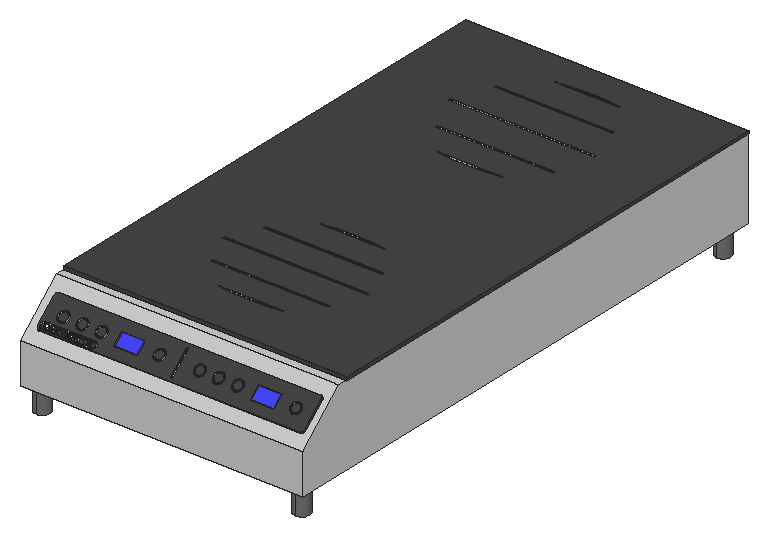
Revit family "QF_ADVENTYS_GL2_6000_F_250902075618", category Specialty Equipment, Revit 2021
Family settings
  Round Connector Dimension = Use Diameter
  Part Type = Normal
  OmniClass Number = 23.40.40.14
  OmniClass Title = Food Service Equipment
  Work Plane-Based = No
  Always vertical = Yes
  Cut with Voids When Loaded = No
  Shared = No
  Room Calculation Point = No
Parameters (values of type "ADV1594")
  Weight in Pounds [instance] = 0
  Weight = 12.00 kg
  Warranty Start Date [instance] = ""
  Warranty Duration [instance] = ""
  Volts [instance] = 240 V
  URL Recommended Spares List = ""
  URL Manufacturer = ""
  URL Cutsheet = ""
  URL Critical Spares List = ""
  URL = "www.adventys.com"
  Tag Number [instance] = ""
  Status [instance] = ""
  Specification by User [instance] = ""
  Specification by Manufacturer [instance] = ""
  Sound Level [instance] = ""
  Solid Fuel Type [instance] = ""
  Service Life Duration [instance] = ""
  Serial Number [instance] = ""
  Seismic Rating [instance] = ""
  SMACNA No [instance] = ""
  Revision Code [instance] = ""
  Revision [instance] = ""
  Production Year [instance] = ""
  Point Load [instance] = 0
  Phase [instance] = 1
  Other Equipment Approvals [instance] = ""
  Number of Poles [instance] = 2
  NAFEM Spec ID Number [instance] = ""
  Model Warning [instance] = ""
  Model = "GL2 6000 F"
  Min Ckt Ampacity [instance] = 0 A
  Max Overcurrent Protection [instance] = 10 A
  Masterspec [instance] = ""
  Manufacturer = "ADVENTYS"
  Length Actual = 370 mm
  Item Number [instance] = ""
  Installed By [instance] = ""
  Installation Date [instance] = ""
  Identify Quantity as Lot [instance] = no
  ID [instance] = ""
  Hygiene Approval [instance] = ""
  Hot Water Consumption = 0.0 L/s
  Height Actual = 140 mm
  HP power [instance] = ""
  Furnished By [instance] = ""
  Foodservice Equipment Identifier [instance] = no
  FL Amps [instance] = 8.7 A
  Electrical Remarks [instance] = "Plug not included"
  Electric power [instance] = 0 W
  Electric Connection Type [instance] = "Cord&Plug"
  Elec Conn RI Height [instance] = 0 mm
  Elec Conn Connection Height [instance] = 0 mm
  ETL Approved [instance] = no
  Description = "FREE-STANDING INDUCTION HOB TWO ZONE"
  Depth Actual = 730 mm
  Default Elevation = 0 mm
  Cycle [instance] = 60 Hz
  Cost = 0
  Conn Plug [instance] = ""
  Conn Conduit [instance] = no
  CSI MasterFormat [instance] = ""
  CE Approved [instance] = no
  Barcode [instance] = 0
  Author [instance] = ""
  Asset Identifier [instance] = ""
  Apparent Power [instance] = 6000 VA
  Accessory = no
Reference planes
  plane 1 "Center (Front/Back)": y = 0
  plane 2: z = 0
  plane 3 "Center (Left/Right)": x = 0
Forms (mm)
  Extrusion 1, solid, not visible
    sketch origin (55.003, -404.02, 33.002) x (1, 0, 0) y (0, 1, 0)
      loop
        line (-2, 2) -> (-2, -2) -> (2, -2) -> (2, 2) -> (-2, 2)
    from -2 to 2
Dimensions and locks
  locked: nested 2 to Extrusion 1 at 2  (x2)
  aligned and locked: level to plane 2
Nested families
  nested 1: "QF_ADVENTYS_ADV1594_2916" at (0, -2, 0), type "ADV1594"
    with Status "", Show Logo yes, Show Clearance yes
  nested 2: "CONN_POINT_ELE_2D___Generic_Annotation" at (55.003, -404.02, 31.002), type "CONN_POINT_ELE_2D___Generic_Annotation"
    with Onboard connection annotation symbol visibility yes
Connectors
  electrical at (55.003, -404.02, 31.002), driven by "Apparent Power", driven by "Number of Poles", driven by "Volts"
    settings: on Extrusion 1, index 1, voltage 240 V, apparent load 0 VA, apparent load phase1 6000 VA, apparent load phase2 0 VA, apparent load phase3 0 VA, power factor 1, load classification "Other", number of poles 2, system type 31, power factor state 1, is connector primary yes, connector utility no, sub classification motor no, connector description "Electrical connection for GL2 6000 F"
Definition of nested family "QF_ADVENTYS_ADV1594_2916"
  Parameters (values of type "ADV1594")
    URL = "www.adventys.com"
    Status [instance] = ""
    Show Logo [instance] = yes
    Show Clearance [instance] = yes
    Model = "GL2 6000 F"
    Manufacturer = "ADVENTYS"
    Description = "FREE-STANDING INDUCTION HOB TWO ZONE"
    Default Elevation = 0 mm
    Author = "SPECIFI"
    Assembly Code = "E1090320"
  Reference planes
    plane 1 "Back": y = 2
    plane 2: z = 0
    plane 3 "Left": x = 0
    plane 4 "Right": x = 369.825
    plane 5 "Front": y = -728.05
    plane 6 "Top": z = 140
  Forms (mm)
    Extrusion 1, solid
      sketch origin (0, 597, 0.7) x (0, 1, 0) y (0, 0, 1)
        loop
          line (-1325.05, 30) -> (-595, 30) -> (-595, 135) -> (-1235, 135) -> (-1265, 135) -> (-1325.05, 82.799) -> (-1325.05, 30)
      from 0 to 369.825
    Extrusion 2, solid
      sketch origin (0, 597, 0.7) x (1, 0, 0) y (0, 1, 0)
        loop
          line (0, -1253.043) -> (369.825, -1253.043) -> (369.825, -595) -> (0, -595) -> (0, -1253.043)
        loop
          line (149.048, -1020.428) -> (234.048, -1020.428)
          arc (234.048, -1020.428) -> (210.786, -1017.265) -> (187.31, -1017.081) r 184.556
          arc (187.31, -1017.081) -> (168.08, -1017.615) -> (149.048, -1020.428) r 161.697
        loop
          line (264.181, -1060.585) -> (110, -1060.585) -> (110, -1063.011) -> (264.181, -1063.011) -> (264.181, -1060.585)
        loop
          line (280.876, -1103.085) -> (90, -1103.085) -> (90, -1105.511) -> (280.876, -1105.511) -> (280.876, -1103.085)
        loop
          line (264.181, -1148.085) -> (110, -1148.085) -> (110, -1150.511) -> (264.181, -1150.511) -> (264.181, -1148.085)
        loop
          line (234.048, -1185.831) -> (149.048, -1185.831)
          arc (149.048, -1185.831) -> (172.311, -1188.994) -> (195.787, -1189.178) r 184.556
          arc (195.787, -1189.178) -> (215.017, -1188.645) -> (234.048, -1185.831) r 161.697
        loop
          arc (149.048, -827.081) -> (172.311, -830.244) -> (195.787, -830.428) r 184.556
          arc (195.787, -830.428) -> (215.017, -829.895) -> (234.048, -827.081) r 161.697
          line (234.048, -827.081) -> (149.048, -827.081)
        loop
          line (115, -788.011) -> (269.181, -788.011) -> (269.181, -785.585) -> (115, -785.585) -> (115, -788.011)
        loop
          line (90, -735.511) -> (280.876, -735.511) -> (280.876, -733.085) -> (90, -733.085) -> (90, -735.511)
        loop
          line (110, -685.511) -> (264.181, -685.511) -> (264.181, -683.085) -> (110, -683.085) -> (110, -685.511)
        loop
          line (151.548, -639.178) -> (236.548, -639.178)
          arc (236.548, -639.178) -> (213.286, -636.015) -> (189.81, -635.831) r 184.556
          arc (189.81, -635.831) -> (170.58, -636.365) -> (151.548, -639.178) r 161.697
      from 135 to 139.3
    Revolve 3, solid
      sketch origin (15, 589.5, 0) x (0, 1, 0) y (0, 0, 1)
        loop
          line (-1300.05, 30.7) -> (-1300.05, 0) -> (-1290.05, 0) -> (-1290.05, 30.7) -> (-1300.05, 30.7)
        axis (-1300.05, 30.7) -> (-1300.05, 0)
      angle from 0 to 360
    Revolve 4, solid
      sketch origin (355, 589.5, 0) x (0, 1, 0) y (0, 0, 1)
        loop
          line (-1300.05, 30.7) -> (-1300.05, 0) -> (-1290.05, 0) -> (-1290.05, 30.7) -> (-1300.05, 30.7)
        axis (-1300.05, 30.7) -> (-1300.05, 0)
      angle from 0 to 360
    Revolve 5, solid
      sketch origin (355, 1279.5, 0) x (0, 1, 0) y (0, 0, 1)
        loop
          line (-1300.05, 30.7) -> (-1300.05, 0) -> (-1290.05, 0) -> (-1290.05, 30.7) -> (-1300.05, 30.7)
        axis (-1300.05, 30.7) -> (-1300.05, 0)
      angle from 0 to 360
    Revolve 6, solid
      sketch origin (15, 1279.5, 0) x (0, 1, 0) y (0, 0, 1)
        loop
          line (-1300.05, 30.7) -> (-1300.05, 0) -> (-1290.05, 0) -> (-1290.05, 30.7) -> (-1300.05, 30.7)
        axis (-1300.05, 30.7) -> (-1300.05, 0)
      angle from 0 to 360
    Extrusion 7, solid
      sketch origin (0, 597, 0.7) x (0, 1, 0) y (0, 0, 1)
        loop
          line (-635, 30) -> (-752.168, 30) -> (-720, 15) -> (-635, 15) -> (-635, 30)
      from 52.846 to 318.58
    Extrusion 8, solid
      sketch origin (0, 597, 0.7) x (0, 1, 0) y (0, 0, 1)
        loop
          line (-880, 30) -> (-1005, 30) -> (-1005, 20) -> (-880, 20) -> (-880, 30)
      from 73.72 to 300.835
    Extrusion 9, solid
      sketch origin (0, 597, 0.7) x (0, 1, 0) y (0, 0, 1)
        loop
          line (-1285.05, 30) -> (-1285.05, 20) -> (-1125.05, 20) -> (-1125.05, 30) -> (-1285.05, 30)
      from 73.72 to 300.835
    Extrusion 10, solid
      sketch origin (0, 597, 0.7) x (1, 0, 0) y (0, 1, 0)
        loop
          circle (55, -999.55) r 17.001
      from 30 to 41.127
    Extrusion 11, solid
      sketch origin (0, 597, 0.7) x (1, 0, 0) y (0, 1, 0)
        loop
          arc (236.548, -639.178) -> (213.286, -636.015) -> (189.81, -635.831) r 184.556
          arc (189.81, -635.831) -> (170.58, -636.365) -> (151.548, -639.178) r 161.697
          line (151.548, -639.178) -> (236.548, -639.178)
        loop
          line (264.181, -685.511) -> (264.181, -683.085) -> (110, -683.085) -> (110, -685.511) -> (264.181, -685.511)
        loop
          line (280.876, -733.085) -> (90, -733.085) -> (90, -735.511) -> (280.876, -735.511) -> (280.876, -733.085)
        loop
          line (115, -788.011) -> (269.181, -788.011) -> (269.181, -785.585) -> (115, -785.585) -> (115, -788.011)
        loop
          arc (149.048, -827.081) -> (172.311, -830.244) -> (195.787, -830.428) r 184.556
          arc (195.787, -830.428) -> (215.017, -829.895) -> (234.048, -827.081) r 161.697
          line (234.048, -827.081) -> (149.048, -827.081)
        loop
          arc (234.048, -1020.428) -> (210.786, -1017.265) -> (187.31, -1017.081) r 184.556
          arc (187.31, -1017.081) -> (168.08, -1017.615) -> (149.048, -1020.428) r 161.697
          line (149.048, -1020.428) -> (234.048, -1020.428)
        loop
          line (264.181, -1063.011) -> (264.181, -1060.585) -> (110, -1060.585) -> (110, -1063.011) -> (264.181, -1063.011)
        loop
          line (280.876, -1103.085) -> (90, -1103.085) -> (90, -1105.511) -> (280.876, -1105.511) -> (280.876, -1103.085)
        loop
          line (110, -1150.511) -> (264.181, -1150.511) -> (264.181, -1148.085) -> (110, -1148.085) -> (110, -1150.511)
        loop
          line (234.048, -1185.831) -> (149.048, -1185.831)
          arc (149.048, -1185.831) -> (172.311, -1188.994) -> (195.787, -1189.178) r 184.556
          arc (195.787, -1189.178) -> (215.017, -1188.645) -> (234.048, -1185.831) r 161.697
      from 135 to 139.3
    Extrusion 12, solid
      sketch origin (-81.7, -343.432, 228.366) x (1, 0, 0) y (0, 0.75471, 0.656059)
        loop
          arc (97.5, -323.032) -> (93.964, -324.496) -> (92.5, -328.032) r 5
          line (92.5, -328.032) -> (92.5, -363.032)
          arc (92.5, -363.032) -> (93.964, -366.568) -> (97.5, -368.032) r 5
          line (97.5, -368.032) -> (437.325, -368.032)
          arc (437.325, -368.032) -> (440.861, -366.568) -> (442.325, -363.032) r 5
          line (442.325, -363.032) -> (442.325, -328.032)
          arc (442.325, -328.032) -> (440.861, -324.496) -> (437.325, -323.032) r 5
          line (437.325, -323.032) -> (97.5, -323.032)
        loop
          circle (140.135, -345.532) r 6
        loop
          circle (140.135, -345.532) r 7
        loop
          circle (165.135, -345.532) r 7
        loop
          circle (165.135, -345.532) r 6
        loop
          circle (241.135, -345.532) r 6
        loop
          circle (241.135, -345.532) r 7
        loop
          line (217.417, -337.336) -> (187.417, -337.336) -> (187.417, -354.836) -> (217.417, -354.836) -> (217.417, -337.336)
        loop
          circle (115.135, -345.532) r 6
        loop
          circle (115.135, -345.532) r 7
        loop
          circle (318.885, -345.532) r 6
        loop
          circle (318.885, -345.532) r 7
        loop
          circle (343.885, -345.532) r 7
        loop
          circle (343.885, -345.532) r 6
        loop
          circle (419.885, -345.532) r 6
        loop
          circle (419.885, -345.532) r 7
        loop
          line (396.167, -337.336) -> (366.167, -337.336) -> (366.167, -354.836) -> (396.167, -354.836) -> (396.167, -337.336)
        loop
          circle (293.885, -345.532) r 6
        loop
          circle (293.885, -345.532) r 7
        loop
          line (268.413, -328.032) -> (266.413, -328.032) -> (266.413, -363.032) -> (268.413, -363.032) -> (268.413, -328.032)
      from 143 to 145
    Extrusion 13, solid
      sketch origin (-56.7, -343.432, 228.366) x (1, 0, 0) y (0, 0.75471, 0.656059)
        loop
          circle (216.135, -345.532) r 6
        loop
          circle (216.135, -345.532) r 7
        loop
          circle (90.135, -345.532) r 6
        loop
          circle (115.135, -345.532) r 6
        loop
          circle (90.135, -345.532) r 7
        loop
          circle (115.135, -345.532) r 7
        loop
          circle (140.135, -345.532) r 6
        loop
          circle (140.135, -345.532) r 7
        loop
          line (241.413, -328.032) -> (241.413, -363.032) -> (243.413, -363.032) -> (243.413, -328.032) -> (241.413, -328.032)
        loop
          circle (394.885, -345.532) r 6
        loop
          circle (394.885, -345.532) r 7
        loop
          circle (268.885, -345.532) r 6
        loop
          circle (293.885, -345.532) r 6
        loop
          circle (268.885, -345.532) r 7
        loop
          circle (293.885, -345.532) r 7
        loop
          circle (318.885, -345.532) r 6
        loop
          circle (318.885, -345.532) r 7
      from 143 to 145
    Extrusion 14, solid, visible <- "Show Logo"
      sketch origin (-69.93, -275.591, 245.243) x (1, 0, 0) y (0, 0.75471, 0.656059)
        loop
          arc (88.7, -421.254) -> (88.222, -421.452) -> (88.024, -421.93) r 0.676
          line (88.024, -421.93) -> (88.024, -423.602)
          arc (88.024, -423.602) -> (88.232, -424.091) -> (88.729, -424.278) r 0.676
          line (88.729, -424.278) -> (88.729, -423.012)
          arc (88.729, -423.012) -> (89.079, -422.316) -> (89.806, -422.035) r 1.082
          line (89.806, -422.035) -> (92.693, -422.035)
          arc (92.693, -422.035) -> (92.539, -421.491) -> (92.025, -421.254) r 0.676
          line (92.025, -421.254) -> (88.7, -421.254)
        loop
          arc (88.7, -420.848) -> (87.935, -421.165) -> (87.618, -421.93) r 1.082
          line (87.618, -421.93) -> (87.618, -423.602)
          arc (87.618, -423.602) -> (87.945, -424.378) -> (88.729, -424.684) r 1.082
          arc (88.729, -424.684) -> (89.006, -425.518) -> (89.811, -425.871) r 1.082
          arc (89.811, -425.871) -> (90.124, -426.642) -> (90.893, -426.963) r 1.082
          line (90.893, -426.963) -> (93.953, -426.963)
          arc (93.953, -426.963) -> (94.718, -426.646) -> (95.035, -425.881) r 1.082
          line (95.035, -425.881) -> (95.035, -424.315)
          arc (95.035, -424.315) -> (94.714, -423.546) -> (93.942, -423.233) r 1.082
          arc (93.942, -423.233) -> (93.745, -422.485) -> (93.099, -422.06) r 1.082
          arc (93.099, -422.06) -> (92.835, -421.213) -> (92.025, -420.848) r 1.082
          line (92.025, -420.848) -> (88.7, -420.848)
        loop
          arc (93.953, -426.557) -> (94.431, -426.359) -> (94.629, -425.881) r 0.676
          line (94.629, -425.881) -> (94.629, -424.315)
          arc (94.629, -424.315) -> (94.43, -423.835) -> (93.948, -423.638) r 0.676
          line (93.948, -423.638) -> (93.948, -424.789)
          arc (93.948, -424.789) -> (93.631, -425.554) -> (92.866, -425.871) r 1.082
          line (92.866, -425.871) -> (90.216, -425.871)
          arc (90.216, -425.871) -> (90.411, -426.355) -> (90.893, -426.557) r 0.676
          line (90.893, -426.557) -> (93.953, -426.557)
        loop
          arc (95.821, -425.184) -> (95.863, -425.723) -> (96.404, -425.709) r 0.393
          line (96.404, -425.709) -> (97.15, -424.963) -> (100.112, -424.963) -> (100.858, -425.709)
          arc (100.858, -425.709) -> (101.399, -425.723) -> (101.441, -425.184) r 0.393
          line (101.441, -425.184) -> (98.631, -421.714) -> (95.821, -425.184)
        loop
          line (98.631, -423.109) -> (97.68, -424.283) -> (99.582, -424.283) -> (98.631, -423.109)
        loop
          line (102.743, -421.78) -> (102.743, -425.773) -> (106.505, -425.773)
          arc (106.505, -425.773) -> (108.501, -423.776) -> (106.505, -421.78) r 1.997
          line (106.505, -421.78) -> (102.743, -421.78)
        loop
          line (106.505, -422.83) -> (103.793, -422.83) -> (103.793, -424.722) -> (106.505, -424.722)
          arc (106.505, -424.722) -> (107.451, -423.776) -> (106.505, -422.83) r 0.946
        loop
          arc (110.437, -422.011) -> (109.896, -421.997) -> (109.854, -422.536) r 0.393
          line (109.854, -422.536) -> (112.664, -426.006) -> (115.474, -422.536)
          arc (115.474, -422.536) -> (115.432, -421.997) -> (114.891, -422.011) r 0.393
          line (114.891, -422.011) -> (112.664, -424.762) -> (110.437, -422.011)
        loop
          line (122.122, -421.733) -> (116.807, -421.733) -> (116.807, -425.773) -> (122.122, -425.773)
          arc (122.122, -425.773) -> (122.533, -425.362) -> (122.122, -424.952) r 0.41
          line (122.122, -424.952) -> (117.728, -424.952) -> (117.728, -424.143) -> (122.122, -424.143)
          arc (122.122, -424.143) -> (122.494, -423.772) -> (122.122, -423.401) r 0.371
          line (122.122, -423.401) -> (117.728, -423.401) -> (117.728, -422.553) -> (122.122, -422.553)
          arc (122.122, -422.553) -> (122.533, -422.143) -> (122.122, -421.733) r 0.41
        loop
          line (123.768, -422.295) -> (123.768, -425.304)
          arc (123.768, -425.304) -> (124.205, -425.74) -> (124.641, -425.304) r 0.437
          line (124.641, -425.304) -> (124.641, -423.104) -> (128.532, -425.535)
          arc (128.532, -425.535) -> (129.163, -425.551) -> (129.483, -425.008) r 0.622
          line (129.483, -425.008) -> (129.483, -422.216)
          arc (129.483, -422.216) -> (129.023, -421.756) -> (128.563, -422.216) r 0.46
          line (128.563, -422.216) -> (128.563, -424.346) -> (124.57, -421.851)
          arc (124.57, -421.851) -> (124.038, -421.837) -> (123.768, -422.295) r 0.524
        loop
          arc (131.328, -421.811) -> (130.822, -422.316) -> (131.328, -422.822) r 0.506
          line (131.328, -422.822) -> (133.16, -422.822) -> (133.16, -425.108)
          arc (133.16, -425.108) -> (133.647, -425.594) -> (134.133, -425.108) r 0.486
          line (134.133, -425.108) -> (134.133, -422.822) -> (135.879, -422.822)
          arc (135.879, -422.822) -> (136.384, -422.316) -> (135.879, -421.811) r 0.506
          line (135.879, -421.811) -> (131.328, -421.811)
        loop
          line (140.723, -423.158) -> (138.718, -421.806)
          arc (138.718, -421.806) -> (138.039, -421.938) -> (138.171, -422.617) r 0.489
          line (138.171, -422.617) -> (140.176, -423.97) -> (140.176, -425.134)
          arc (140.176, -425.134) -> (140.723, -425.682) -> (141.27, -425.134) r 0.547
          line (141.27, -425.134) -> (141.27, -423.97) -> (143.275, -422.617)
          arc (143.275, -422.617) -> (143.407, -421.938) -> (142.728, -421.806) r 0.489
          line (142.728, -421.806) -> (140.723, -423.158)
        loop
          line (149.966, -421.811) -> (146.176, -421.811)
          arc (146.176, -421.811) -> (145.017, -422.97) -> (146.176, -424.129) r 1.159
          line (146.176, -424.129) -> (149.302, -424.129)
          arc (149.302, -424.129) -> (149.724, -424.551) -> (149.302, -424.973) r 0.422
          line (149.302, -424.973) -> (145.494, -424.973)
          arc (145.494, -424.973) -> (145.145, -425.323) -> (145.494, -425.672) r 0.349
          line (145.494, -425.672) -> (149.676, -425.672)
          arc (149.676, -425.672) -> (150.47, -424.404) -> (149.336, -423.429) r 1.147
          line (149.336, -423.429) -> (146.116, -423.429)
          arc (146.116, -423.429) -> (145.656, -422.969) -> (146.116, -422.509) r 0.46
          line (146.116, -422.509) -> (149.966, -422.509)
          arc (149.966, -422.509) -> (150.315, -422.16) -> (149.966, -421.811) r 0.349
        loop
          arc (87.536, -420.077) -> (83.683, -423.931) -> (87.536, -427.784) r 3.853
          line (87.536, -427.784) -> (151.604, -427.784)
          arc (151.604, -427.784) -> (155.457, -423.931) -> (151.604, -420.077) r 3.853
          line (151.604, -420.077) -> (87.536, -420.077)
        loop
          arc (87.536, -419.677) -> (83.283, -423.931) -> (87.536, -428.184) r 4.253
          line (87.536, -428.184) -> (151.604, -428.184)
          arc (151.604, -428.184) -> (155.857, -423.931) -> (151.604, -419.677) r 4.253
          line (151.604, -419.677) -> (87.536, -419.677)
      from 176.77 to 176.97
    Extrusion 15, solid
      sketch origin (13.322, -343.432, 228.366) x (1, 0, 0) y (0, 0.75471, 0.656059)
        loop
          line (92.395, -337.336) -> (92.395, -354.836) -> (122.395, -354.836) -> (122.395, -337.336) -> (92.395, -337.336)
      from 143 to 145
    Extrusion 16, solid
      sketch origin (192.072, -343.432, 228.366) x (1, 0, 0) y (0, 0.75471, 0.656059)
        loop
          line (92.395, -337.336) -> (92.395, -354.836) -> (122.395, -354.836) -> (122.395, -337.336) -> (92.395, -337.336)
      from 143 to 145
  Lines and regions (mm)
    symbolic lines
      curve 1: line (0, 2, 0) -> (369.825, 2, 0)
      curve 2: line (369.825, 2, 0) -> (369.825, -728.05, 0)
      curve 3: line (369.825, -728.05, 0) -> (0, -728.05, 0)
      curve 4: line (0, -728.05, 0) -> (0, 2, 0)
      curve 5: line (0, -668, 0) -> (369.825, -668, 0)
      curve 6: line (0, -656.043, 0) -> (369.825, -656.043, 0)
      curve 7: line (234.048, -588.831, 0) -> (149.048, -588.831, 0)
      curve 8: arc (149.048, -588.831, 0) -> (172.311, -591.994, 0) -> (195.787, -592.178, 0) r 184.556
      curve 9: arc (195.787, -592.178, 0) -> (215.017, -591.645, 0) -> (234.048, -588.831, 0) r 161.697
      curve 10: line (110, -553.511, 0) -> (264.181, -553.511, 0)
      curve 11: line (264.181, -551.085, 0) -> (110, -551.085, 0)
      curve 12: line (264.181, -553.511, 0) -> (264.181, -551.085, 0)
      curve 13: line (110, -551.085, 0) -> (110, -553.511, 0)
      curve 14: line (280.876, -506.085, 0) -> (90, -506.085, 0)
      curve 15: line (90, -506.085, 0) -> (90, -508.511, 0)
      curve 16: line (280.876, -508.511, 0) -> (280.876, -506.085, 0)
      curve 17: line (90, -508.511, 0) -> (280.876, -508.511, 0)
      curve 18: line (110, -466.011, 0) -> (264.181, -466.011, 0)
      curve 19: line (264.181, -466.011, 0) -> (264.181, -463.585, 0)
      curve 20: line (264.181, -463.585, 0) -> (110, -463.585, 0)
      curve 21: line (110, -463.585, 0) -> (110, -466.011, 0)
      curve 22: line (149.048, -423.428, 0) -> (234.048, -423.428, 0)
      curve 23: arc (187.31, -420.081, 0) -> (168.08, -420.615, 0) -> (149.048, -423.428, 0) r 161.697
      curve 24: arc (234.048, -423.428, 0) -> (210.786, -420.265, 0) -> (187.31, -420.081, 0) r 184.556
      curve 25: arc (149.048, -230.081, 0) -> (172.311, -233.244, 0) -> (195.787, -233.428, 0) r 184.556
      curve 26: arc (195.787, -233.428, 0) -> (215.017, -232.895, 0) -> (234.048, -230.081, 0) r 161.697
      curve 27: line (234.048, -230.081, 0) -> (149.048, -230.081, 0)
      curve 28: line (115, -191.011, 0) -> (269.181, -191.011, 0)
      curve 29: line (115, -188.585, 0) -> (115, -191.011, 0)
      curve 30: line (269.181, -188.585, 0) -> (115, -188.585, 0)
      curve 31: line (269.181, -191.011, 0) -> (269.181, -188.585, 0)
      curve 32: line (90, -138.511, 0) -> (280.876, -138.511, 0)
      curve 33: line (280.876, -136.085, 0) -> (90, -136.085, 0)
      curve 34: line (280.876, -138.511, 0) -> (280.876, -136.085, 0)
      curve 35: line (90, -136.085, 0) -> (90, -138.511, 0)
      curve 36: line (110, -88.511, 0) -> (264.181, -88.511, 0)
      curve 37: line (110, -86.085, 0) -> (110, -88.511, 0)
      curve 38: line (264.181, -86.085, 0) -> (110, -86.085, 0)
      curve 39: line (264.181, -88.511, 0) -> (264.181, -86.085, 0)
      curve 40: line (151.548, -42.178, 0) -> (236.548, -42.178, 0)
      curve 41: arc (236.548, -42.178, 0) -> (213.286, -39.015, 0) -> (189.81, -38.831, 0) r 184.556
      curve 42: arc (189.81, -38.831, 0) -> (170.58, -39.365, 0) -> (151.548, -42.178, 0) r 161.697
      curve 43: spline (15.8, -682.356, 0) -> (15.147, -682.388, 0) -> (14.505, -682.485, 0) -> (13.886, -682.643, 0) -> (13.3, -682.862, 0) -> (12.756, -683.136, 0) -> (12.264, -683.461, 0) -> (11.833, -683.832, 0) -> (11.469, -684.243, 0) -> (11.18, -684.686, 0) -> (10.97, -685.153, 0) -> (10.842, -685.637, 0) -> (10.8, -686.13, 0)
      curve 44: line (10.8, -686.13, 0) -> (10.8, -712.545, 0)
      curve 45: spline (10.8, -712.545, 0) -> (10.842, -713.037, 0) -> (10.97, -713.521, 0) -> (11.18, -713.989, 0) -> (11.469, -714.431, 0) -> (11.833, -714.842, 0) -> (12.264, -715.213, 0) -> (12.756, -715.538, 0) -> (13.3, -715.812, 0) -> (13.886, -716.031, 0) -> (14.505, -716.189, 0) -> (15.147, -716.286, 0) -> (15.8, -716.318, 0)
      curve 46: line (15.8, -716.318, 0) -> (355.625, -716.318, 0)
      curve 47: line (355.625, -682.356, 0) -> (15.8, -682.356, 0)
      curve 48: spline (360.625, -686.13, 0) -> (360.582, -685.637, 0) -> (360.455, -685.153, 0) -> (360.244, -684.686, 0) -> (359.955, -684.243, 0) -> (359.592, -683.832, 0) -> (359.161, -683.461, 0) -> (358.669, -683.136, 0) -> (358.125, -682.862, 0) -> (357.538, -682.643, 0) -> (356.919, -682.485, 0) -> (356.278, -682.388, 0) -> (355.625, -682.356, 0)
      curve 49: line (360.625, -712.545, 0) -> (360.625, -686.13, 0)
      curve 50: spline (355.625, -716.318, 0) -> (356.278, -716.286, 0) -> (356.919, -716.189, 0) -> (357.538, -716.031, 0) -> (358.125, -715.812, 0) -> (358.669, -715.538, 0) -> (359.161, -715.213, 0) -> (359.592, -714.842, 0) -> (359.955, -714.431, 0) -> (360.244, -713.989, 0) -> (360.455, -713.521, 0) -> (360.582, -713.037, 0) -> (360.625, -712.545, 0)
      curve 51: spline (345.184, -699.337, 0) -> (344.946, -697.97, 0) -> (344.246, -696.696, 0) -> (343.134, -695.601, 0) -> (341.684, -694.762, 0) -> (339.996, -694.234, 0) -> (338.184, -694.054, 0) -> (336.372, -694.234, 0) -> (334.684, -694.762, 0) -> (333.234, -695.601, 0) -> (332.122, -696.696, 0) -> (331.423, -697.97, 0) -> (331.184, -699.337, 0)
      curve 52: spline (331.184, -699.337, 0) -> (331.423, -700.704, 0) -> (332.122, -701.979, 0) -> (333.234, -703.073, 0) -> (334.684, -703.912, 0) -> (336.372, -704.44, 0) -> (338.184, -704.62, 0) -> (339.996, -704.44, 0) -> (341.684, -703.912, 0) -> (343.134, -703.073, 0) -> (344.246, -701.979, 0) -> (344.946, -700.704, 0) -> (345.184, -699.337, 0)
      curve 53: spline (344.184, -699.337, 0) -> (343.98, -698.165, 0) -> (343.38, -697.073, 0) -> (342.427, -696.135, 0) -> (341.184, -695.416, 0) -> (339.737, -694.963, 0) -> (338.184, -694.809, 0) -> (336.631, -694.963, 0) -> (335.184, -695.416, 0) -> (333.942, -696.135, 0) -> (332.988, -697.073, 0) -> (332.389, -698.165, 0) -> (332.184, -699.337, 0)
      curve 54: spline (344.184, -699.337, 0) -> (343.98, -700.509, 0) -> (343.38, -701.601, 0) -> (342.427, -702.539, 0) -> (341.184, -703.259, 0) -> (339.737, -703.711, 0) -> (338.184, -703.865, 0) -> (336.631, -703.711, 0) -> (335.184, -703.259, 0) -> (333.942, -702.539, 0) -> (332.988, -701.601, 0) -> (332.389, -700.509, 0) -> (332.184, -699.337, 0)
      curve 55: line (314.467, -706.359, 0) -> (314.467, -693.151, 0)
      curve 56: line (314.467, -693.151, 0) -> (284.467, -693.151, 0)
      curve 57: line (284.467, -693.151, 0) -> (284.467, -706.359, 0)
      curve 58: line (284.467, -706.359, 0) -> (314.467, -706.359, 0)
      curve 59: spline (269.184, -699.337, 0) -> (268.946, -697.97, 0) -> (268.246, -696.696, 0) -> (267.134, -695.601, 0) -> (265.684, -694.762, 0) -> (263.996, -694.234, 0) -> (262.184, -694.054, 0) -> (260.372, -694.234, 0) -> (258.684, -694.762, 0) -> (257.234, -695.601, 0) -> (256.122, -696.696, 0) -> (255.423, -697.97, 0) -> (255.184, -699.337, 0)
      curve 60: spline (256.184, -699.337, 0) -> (256.389, -698.165, 0) -> (256.988, -697.073, 0) -> (257.942, -696.135, 0) -> (259.184, -695.416, 0) -> (260.631, -694.963, 0) -> (262.184, -694.809, 0) -> (263.737, -694.963, 0) -> (265.184, -695.416, 0) -> (266.427, -696.135, 0) -> (267.38, -697.073, 0) -> (267.98, -698.165, 0) -> (268.184, -699.337, 0)
      curve 61: spline (268.184, -699.337, 0) -> (267.98, -700.509, 0) -> (267.38, -701.601, 0) -> (266.427, -702.539, 0) -> (265.184, -703.259, 0) -> (263.737, -703.711, 0) -> (262.184, -703.865, 0) -> (260.631, -703.711, 0) -> (259.184, -703.259, 0) -> (257.942, -702.539, 0) -> (256.988, -701.601, 0) -> (256.389, -700.509, 0) -> (256.184, -699.337, 0)
      curve 62: spline (255.184, -699.337, 0) -> (255.423, -700.704, 0) -> (256.122, -701.979, 0) -> (257.234, -703.073, 0) -> (258.684, -703.912, 0) -> (260.372, -704.44, 0) -> (262.184, -704.62, 0) -> (263.996, -704.44, 0) -> (265.684, -703.912, 0) -> (267.134, -703.073, 0) -> (268.246, -701.979, 0) -> (268.946, -700.704, 0) -> (269.184, -699.337, 0)
      curve 63: spline (244.184, -699.337, 0) -> (243.946, -697.97, 0) -> (243.246, -696.696, 0) -> (242.134, -695.601, 0) -> (240.684, -694.762, 0) -> (238.996, -694.234, 0) -> (237.184, -694.054, 0) -> (235.372, -694.234, 0) -> (233.684, -694.762, 0) -> (232.234, -695.601, 0) -> (231.122, -696.696, 0) -> (230.423, -697.97, 0) -> (230.184, -699.337, 0)
      curve 64: spline (231.184, -699.337, 0) -> (231.389, -698.165, 0) -> (231.988, -697.073, 0) -> (232.942, -696.135, 0) -> (234.184, -695.416, 0) -> (235.631, -694.963, 0) -> (237.184, -694.809, 0) -> (238.737, -694.963, 0) -> (240.184, -695.416, 0) -> (241.427, -696.135, 0) -> (242.38, -697.073, 0) -> (242.98, -698.165, 0) -> (243.184, -699.337, 0)
      curve 65: spline (231.184, -699.337, 0) -> (231.389, -700.509, 0) -> (231.988, -701.601, 0) -> (232.942, -702.539, 0) -> (234.184, -703.259, 0) -> (235.631, -703.711, 0) -> (237.184, -703.865, 0) -> (238.737, -703.711, 0) -> (240.184, -703.259, 0) -> (241.427, -702.539, 0) -> (242.38, -701.601, 0) -> (242.98, -700.509, 0) -> (243.184, -699.337, 0)
      curve 66: spline (230.184, -699.337, 0) -> (230.423, -700.704, 0) -> (231.122, -701.979, 0) -> (232.234, -703.073, 0) -> (233.684, -703.912, 0) -> (235.372, -704.44, 0) -> (237.184, -704.62, 0) -> (238.996, -704.44, 0) -> (240.684, -703.912, 0) -> (242.134, -703.073, 0) -> (243.246, -701.979, 0) -> (243.946, -700.704, 0) -> (244.184, -699.337, 0)
      curve 67: spline (219.184, -699.337, 0) -> (218.946, -697.97, 0) -> (218.246, -696.696, 0) -> (217.134, -695.601, 0) -> (215.684, -694.762, 0) -> (213.996, -694.234, 0) -> (212.184, -694.054, 0) -> (210.372, -694.234, 0) -> (208.684, -694.762, 0) -> (207.234, -695.601, 0) -> (206.122, -696.696, 0) -> (205.423, -697.97, 0) -> (205.184, -699.337, 0)
      curve 68: spline (206.184, -699.337, 0) -> (206.389, -698.165, 0) -> (206.988, -697.073, 0) -> (207.942, -696.135, 0) -> (209.184, -695.416, 0) -> (210.631, -694.963, 0) -> (212.184, -694.809, 0) -> (213.737, -694.963, 0) -> (215.184, -695.416, 0) -> (216.427, -696.135, 0) -> (217.38, -697.073, 0) -> (217.98, -698.165, 0) -> (218.184, -699.337, 0)
      curve 69: spline (205.184, -699.337, 0) -> (205.423, -700.704, 0) -> (206.122, -701.979, 0) -> (207.234, -703.073, 0) -> (208.684, -703.912, 0) -> (210.372, -704.44, 0) -> (212.184, -704.62, 0) -> (213.996, -704.44, 0) -> (215.684, -703.912, 0) -> (217.134, -703.073, 0) -> (218.246, -701.979, 0) -> (218.946, -700.704, 0) -> (219.184, -699.337, 0)
      curve 70: spline (218.184, -699.337, 0) -> (217.98, -700.509, 0) -> (217.38, -701.601, 0) -> (216.427, -702.539, 0) -> (215.184, -703.259, 0) -> (213.737, -703.711, 0) -> (212.184, -703.865, 0) -> (210.631, -703.711, 0) -> (209.184, -703.259, 0) -> (207.942, -702.539, 0) -> (206.988, -701.601, 0) -> (206.389, -700.509, 0) -> (206.184, -699.337, 0)
      curve 71: line (186.712, -712.545, 0) -> (186.712, -686.13, 0)
      curve 72: line (186.712, -686.13, 0) -> (184.712, -686.13, 0)
      curve 73: line (184.712, -686.13, 0) -> (184.712, -712.545, 0)
      curve 74: line (184.712, -712.545, 0) -> (186.712, -712.545, 0)
      curve 75: spline (166.434, -699.337, 0) -> (166.196, -697.97, 0) -> (165.496, -696.696, 0) -> (164.384, -695.601, 0) -> (162.934, -694.762, 0) -> (161.246, -694.234, 0) -> (159.434, -694.054, 0) -> (157.622, -694.234, 0) -> (155.934, -694.762, 0) -> (154.484, -695.601, 0) -> (153.372, -696.696, 0) -> (152.673, -697.97, 0) -> (152.434, -699.337, 0)
      curve 76: spline (152.434, -699.337, 0) -> (152.673, -700.704, 0) -> (153.372, -701.979, 0) -> (154.484, -703.073, 0) -> (155.934, -703.912, 0) -> (157.622, -704.44, 0) -> (159.434, -704.62, 0) -> (161.246, -704.44, 0) -> (162.934, -703.912, 0) -> (164.384, -703.073, 0) -> (165.496, -701.979, 0) -> (166.196, -700.704, 0) -> (166.434, -699.337, 0)
      curve 77: spline (165.434, -699.337, 0) -> (165.23, -698.165, 0) -> (164.63, -697.073, 0) -> (163.677, -696.135, 0) -> (162.434, -695.416, 0) -> (160.987, -694.963, 0) -> (159.434, -694.809, 0) -> (157.881, -694.963, 0) -> (156.434, -695.416, 0) -> (155.192, -696.135, 0) -> (154.238, -697.073, 0) -> (153.639, -698.165, 0) -> (153.434, -699.337, 0)
      curve 78: spline (153.434, -699.337, 0) -> (153.639, -700.509, 0) -> (154.238, -701.601, 0) -> (155.192, -702.539, 0) -> (156.434, -703.259, 0) -> (157.881, -703.711, 0) -> (159.434, -703.865, 0) -> (160.987, -703.711, 0) -> (162.434, -703.259, 0) -> (163.677, -702.539, 0) -> (164.63, -701.601, 0) -> (165.23, -700.509, 0) -> (165.434, -699.337, 0)
      curve 79: line (135.717, -693.151, 0) -> (105.717, -693.151, 0)
      curve 80: line (135.717, -706.359, 0) -> (135.717, -693.151, 0)
      curve 81: line (105.717, -706.359, 0) -> (135.717, -706.359, 0)
      curve 82: line (105.717, -693.151, 0) -> (105.717, -706.359, 0)
      curve 83: spline (90.434, -699.337, 0) -> (90.196, -697.97, 0) -> (89.496, -696.696, 0) -> (88.384, -695.601, 0) -> (86.934, -694.762, 0) -> (85.246, -694.234, 0) -> (83.434, -694.054, 0) -> (81.622, -694.234, 0) -> (79.934, -694.762, 0) -> (78.484, -695.601, 0) -> (77.372, -696.696, 0) -> (76.673, -697.97, 0) -> (76.434, -699.337, 0)
      curve 84: spline (77.434, -699.337, 0) -> (77.639, -698.165, 0) -> (78.238, -697.073, 0) -> (79.192, -696.135, 0) -> (80.434, -695.416, 0) -> (81.881, -694.963, 0) -> (83.434, -694.809, 0) -> (84.987, -694.963, 0) -> (86.434, -695.416, 0) -> (87.677, -696.135, 0) -> (88.63, -697.073, 0) -> (89.23, -698.165, 0) -> (89.434, -699.337, 0)
      curve 85: spline (77.434, -699.337, 0) -> (77.639, -700.509, 0) -> (78.238, -701.601, 0) -> (79.192, -702.539, 0) -> (80.434, -703.259, 0) -> (81.881, -703.711, 0) -> (83.434, -703.865, 0) -> (84.987, -703.711, 0) -> (86.434, -703.259, 0) -> (87.677, -702.539, 0) -> (88.63, -701.601, 0) -> (89.23, -700.509, 0) -> (89.434, -699.337, 0)
      curve 86: spline (76.434, -699.337, 0) -> (76.673, -700.704, 0) -> (77.372, -701.979, 0) -> (78.484, -703.073, 0) -> (79.934, -703.912, 0) -> (81.622, -704.44, 0) -> (83.434, -704.62, 0) -> (85.246, -704.44, 0) -> (86.934, -703.912, 0) -> (88.384, -703.073, 0) -> (89.496, -701.979, 0) -> (90.196, -700.704, 0) -> (90.434, -699.337, 0)
      curve 87: spline (65.434, -699.337, 0) -> (65.196, -697.97, 0) -> (64.496, -696.696, 0) -> (63.384, -695.601, 0) -> (61.934, -694.762, 0) -> (60.246, -694.234, 0) -> (58.434, -694.054, 0) -> (56.622, -694.234, 0) -> (54.934, -694.762, 0) -> (53.484, -695.601, 0) -> (52.372, -696.696, 0) -> (51.673, -697.97, 0) -> (51.434, -699.337, 0)
      curve 88: spline (52.434, -699.337, 0) -> (52.639, -698.165, 0) -> (53.238, -697.073, 0) -> (54.192, -696.135, 0) -> (55.434, -695.416, 0) -> (56.881, -694.963, 0) -> (58.434, -694.809, 0) -> (59.987, -694.963, 0) -> (61.434, -695.416, 0) -> (62.677, -696.135, 0) -> (63.63, -697.073, 0) -> (64.23, -698.165, 0) -> (64.434, -699.337, 0)
      curve 89: spline (52.434, -699.337, 0) -> (52.639, -700.509, 0) -> (53.238, -701.601, 0) -> (54.192, -702.539, 0) -> (55.434, -703.259, 0) -> (56.881, -703.711, 0) -> (58.434, -703.865, 0) -> (59.987, -703.711, 0) -> (61.434, -703.259, 0) -> (62.677, -702.539, 0) -> (63.63, -701.601, 0) -> (64.23, -700.509, 0) -> (64.434, -699.337, 0)
      curve 90: spline (51.434, -699.337, 0) -> (51.673, -700.704, 0) -> (52.372, -701.979, 0) -> (53.484, -703.073, 0) -> (54.934, -703.912, 0) -> (56.622, -704.44, 0) -> (58.434, -704.62, 0) -> (60.246, -704.44, 0) -> (61.934, -703.912, 0) -> (63.384, -703.073, 0) -> (64.496, -701.979, 0) -> (65.196, -700.704, 0) -> (65.434, -699.337, 0)
      curve 91: spline (40.434, -699.337, 0) -> (40.196, -697.97, 0) -> (39.496, -696.696, 0) -> (38.384, -695.601, 0) -> (36.934, -694.762, 0) -> (35.246, -694.234, 0) -> (33.434, -694.054, 0) -> (31.622, -694.234, 0) -> (29.934, -694.762, 0) -> (28.484, -695.601, 0) -> (27.372, -696.696, 0) -> (26.673, -697.97, 0) -> (26.434, -699.337, 0)
      curve 92: spline (27.434, -699.337, 0) -> (27.639, -698.165, 0) -> (28.238, -697.073, 0) -> (29.192, -696.135, 0) -> (30.434, -695.416, 0) -> (31.881, -694.963, 0) -> (33.434, -694.809, 0) -> (34.987, -694.963, 0) -> (36.434, -695.416, 0) -> (37.677, -696.135, 0) -> (38.63, -697.073, 0) -> (39.23, -698.165, 0) -> (39.434, -699.337, 0)
      curve 93: spline (27.434, -699.337, 0) -> (27.639, -700.509, 0) -> (28.238, -701.601, 0) -> (29.192, -702.539, 0) -> (30.434, -703.259, 0) -> (31.881, -703.711, 0) -> (33.434, -703.865, 0) -> (34.987, -703.711, 0) -> (36.434, -703.259, 0) -> (37.677, -702.539, 0) -> (38.63, -701.601, 0) -> (39.23, -700.509, 0) -> (39.434, -699.337, 0)
      curve 94: spline (26.434, -699.337, 0) -> (26.673, -700.704, 0) -> (27.372, -701.979, 0) -> (28.484, -703.073, 0) -> (29.934, -703.912, 0) -> (31.622, -704.44, 0) -> (33.434, -704.62, 0) -> (35.246, -704.44, 0) -> (36.934, -703.912, 0) -> (38.384, -703.073, 0) -> (39.496, -701.979, 0) -> (40.196, -700.704, 0) -> (40.434, -699.337, 0)
  Dimensions and locks
    plane 5 "Front" to plane 1 "Back" = 730.05 mm
    plane 6 "Top" to level = 140 mm
    plane 3 "Left" to plane 4 "Right" = 369.825 mm
    aligned and locked: level to plane 2
Definition of nested family "CONN_POINT_ELE_2D___Generic_Annotation"
  Parameters (values of type "CONN_POINT_ELE_2D___Generic_Annotation")
    Onboard connection annotation symbol visibility [instance] = yes
  Reference planes
    plane 1: y = 0
    plane 2: x = 0
  Lines and regions (mm)
    detail lines, visible <- "Onboard connection annotation symbol visibility"
      curve 1: circle (0, 0, 0) r 0.5 normal (0, 0, 1)
      curve 2: line (-1, 0, 0) -> (1, 0, 0)
      curve 3: line (0, 1, 0) -> (0, -1, 0)
      curve 4: line (2.5, 1, 0) -> (1.25, 1, 0)
      curve 5: line (1.25, 1, 0) -> (1.25, -1, 0)
      curve 6: line (1.25, -1, 0) -> (2.5, -1, 0)
      curve 7: line (1.25, 0, 0) -> (2, 0, 0)
